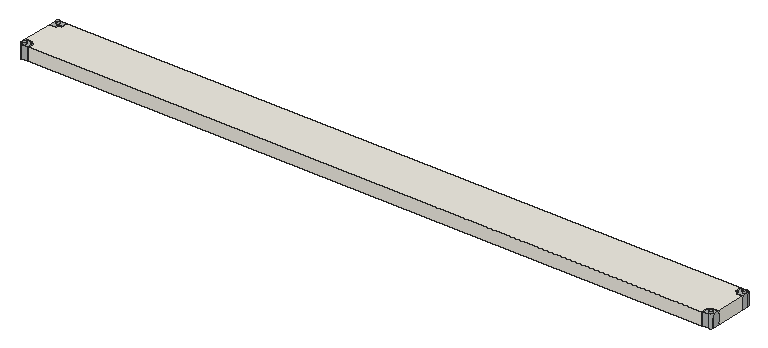
Revit family "HIGHTECH", category Осветительные приборы, Revit 2019 (continued)
Types (32, lengths in mm): name | Файл фотометрической сетки | built-in parameter 1150105 | Lumens | built-in parameter 1150106 | built-in parameter 1150142 | Wattage | Emit from Rectangle Width | Emit from Rectangle Length | Длина | Ширина | ADSK_Ток | ADSK_Полная мощность | ADSK_Обозначение | ADSK_Номинальная мощность | ADSK_Наименование | ADSK_Масса | ADSK_Код изделия
  Hightech-38/opal-sand 595х595 (IP54, 4000К, белый) | "Светильник HIGHTECH-38 OPAL-SAND-(595x595).IES" | 302.39 (stored number, unit not read) | 3800 lm | 3.0239 (stored number, unit not read) | "IESNA:LM-63-95\r\n[TEST] Протокол № 50-13\r\n[DATA] 17.06.2016\r\n[MORE] \r\n[MANUFAC] ЗАО \"Центрстройсвет\"\r\n[LUMCAT]  Светильник HIGHTECH-38/OPAL-SAND-(595x595)\r\n[LUMINAIRE]\r\n[LAMPCAT] Светодиоды\r\n[LAMP] Поток источника света (светодиодов) не известен\r\n[MORE] КСС приведена в абсолютных величинах кд\r\n[MORE] Вместо потока лампы, указан поток светильника.\r\nTILT=NONE\r\n1    3750 1.0 37 73 1 2 0.595 0.595 0.04\r\n1.0 1.0 38.7\r\n0.0 5.0 10.0 15.0 20.0 25.0 30.0 35.0 40.0 45.0 50.0 55.0 60.0 65.0 70.0 75.0 80.0 85.0 90.0 95.0 100.0 105.0 110.0 115.0 120.0 125.0 130.0 135.0 140.0 145.0 150.0 155.0 160.0 165.0 170.0 175.0 180.0\r\n0.0 5.0 10.0 15.0 20.0 25.0 30.0 35.0 40.0 45.0 50.0 55.0 60.0 65.0 70.0 75.0 80.0 85.0 90.0 95.0 100.0 105.0 110.0 115.0 120.0 125.0 130.0 135.0 140.0 145.0 150.0 155.0 160.0 165.0 170.0 175.0 180.0 185.0 190.0 195.0 200.0 205.0 210.0 215.0 220.0 225.0 230.0 235.0 240.0 245.0 250.0 255.0 260.0 265.0 270.0 275.0 280.0 285.0 290.0 295.0 300.0 305.0 310.0 315.0 320.0 325.0 330.0 335.0 340.0 345.0 350.0 355.0 360.0\r\n1391.4 1390.6 1365.7 1330.6 1277.5 1214.9 1147.5 1059.6 967.6 873.2 772.4 664.9 556.3 449.1 342.7 240.6 147.1 64.2 4.7 0.0 0.0 0.0 0.0 0.0 0.0 0.0 0.0 0.0 0.0 0.0 0.0 0.0 0.0 0.0 0.0 0.0 0.0\r\n1391.4 1390.5 1367.8 1332.7 1284.3 1221.3 1147.0 1062.1 969.2 872.4 773.2 666.3 557.1 450.1 343.8 241.9 146.9 64.7 5.2 0.0 0.0 0.0 0.0 0.0 0.0 0.0 0.0 0.0 0.0 0.0 0.0 0.0 0.0 0.0 0.0 0.0 0.0\r\n1391.4 1390.2 1372.0 1333.3 1277.3 1216.8 1144.5 1057.4 969.6 875.1 773.8 669.5 560.0 454.6 345.8 242.4 148.5 65.8 5.4 0.0 0.0 0.0 0.0 0.0 0.0 0.0 0.0 0.0 0.0 0.0 0.0 0.0 0.0 0.0 0.0 0.0 0.0\r\n1391.4 1389.8 1371.2 1330.7 1279.5 1220.5 1148.3 1059.9 967.7 873.2 767.5 666.8 561.4 453.0 347.1 243.7 149.9 65.6 5.8 0.0 0.0 0.0 0.0 0.0 0.0 0.0 0.0 0.0 0.0 0.0 0.0 0.0 0.0 0.0 0.0 0.0 0.0\r\n1391.4 1389.8 1368.3 1329.3 1285.0 1214.6 1141.1 1058.7 971.8 871.3 775.2 666.9 559.4 452.6 345.8 242.5 150.0 65.8 6.1 0.0 0.0 0.0 0.0 0.0 0.0 0.0 0.0 0.0 0.0 0.0 0.0 0.0 0.0 0.0 0.0 0.0 0.0\r\n1391.4 1390.5 1367.3 1332.3 1281.7 1219.0 1142.8 1064.6 970.5 874.4 772.1 667.5 560.2 453.0 346.2 241.8 149.4 65.7 5.6 0.0 0.0 0.0 0.0 0.0 0.0 0.0 0.0 0.0 0.0 0.0 0.0 0.0 0.0 0.0 0.0 0.0 0.0\r\n1391.4 1391.4 1368.1 1333.5 1277.3 1215.7 1139.0 1059.6 968.1 872.4 771.6 667.4 558.8 453.3 344.3 243.9 148.4 65.7 5.4 0.0 0.0 0.0 0.0 0.0 0.0 0.0 0.0 0.0 0.0 0.0 0.0 0.0 0.0 0.0 0.0 0.0 0.0\r\n1391.4 1391.7 1368.1 1330.4 1278.2 1213.9 1142.4 1061.6 967.4 875.1 772.0 669.3 561.1 452.5 345.2 242.1 148.3 65.4 5.5 0.0 0.0 0.0 0.0 0.0 0.0 0.0 0.0 0.0 0.0 0.0 0.0 0.0 0.0 0.0 0.0 0.0 0.0\r\n1391.4 1391.5 1371.0 1328.4 1278.5 1216.7 1142.1 1061.2 971.8 874.7 772.1 668.9 560.8 452.9 345.4 243.3 147.7 66.0 5.4 0.0 0.0 0.0 0.0 0.0 0.0 0.0 0.0 0.0 0.0 0.0 0.0 0.0 0.0 0.0 0.0 0.0 0.0\r\n1391.4 1391.5 1373.2 1330.5 1277.3 1215.5 1143.2 1063.6 967.0 872.7 772.2 669.4 558.9 453.2 346.6 241.9 148.1 65.2 5.5 0.0 0.0 0.0 0.0 0.0 0.0 0.0 0.0 0.0 0.0 0.0 0.0 0.0 0.0 0.0 0.0 0.0 0.0\r\n1391.4 1391.4 1369.7 1328.3 1281.3 1216.0 1139.8 1057.9 968.7 875.3 773.9 667.6 561.8 454.0 344.0 243.1 147.2 65.6 5.5 0.0 0.0 0.0 0.0 0.0 0.0 0.0 0.0 0.0 0.0 0.0 0.0 0.0 0.0 0.0 0.0 0.0 0.0\r\n1391.4 1390.5 1367.9 1330.1 1278.1 1218.1 1138.9 1061.0 970.0 871.8 770.4 669.3 560.2 453.4 346.9 242.1 148.3 65.2 5.2 0.0 0.0 0.0 0.0 0.0 0.0 0.0 0.0 0.0 0.0 0.0 0.0 0.0 0.0 0.0 0.0 0.0 0.0\r\n1391.4 1389.3 1368.2 1329.1 1280.8 1214.4 1142.5 1059.2 967.2 874.3 772.4 668.0 563.1 452.3 345.7 242.8 146.8 64.9 5.1 0.0 0.0 0.0 0.0 0.0 0.0 0.0 0.0 0.0 0.0 0.0 0.0 0.0 0.0 0.0 0.0 0.0 0.0\r\n1391.4 1388.6 1367.4 1327.8 1278.0 1215.7 1141.0 1061.0 971.5 877.3 771.2 667.3 561.5 453.0 346.4 242.4 146.3 64.8 5.2 0.0 0.0 0.0 0.0 0.0 0.0 0.0 0.0 0.0 0.0 0.0 0.0 0.0 0.0 0.0 0.0 0.0 0.0\r\n1391.4 1388.0 1367.6 1326.7 1278.3 1218.0 1140.9 1061.5 968.4 873.4 770.1 666.6 562.1 454.6 344.8 241.8 146.4 64.0 5.5 0.0 0.0 0.0 0.0 0.0 0.0 0.0 0.0 0.0 0.0 0.0 0.0 0.0 0.0 0.0 0.0 0.0 0.0\r\n1391.4 1387.2 1366.1 1331.0 1281.4 1216.3 1142.7 1059.1 969.4 871.5 772.2 667.3 560.5 453.0 344.4 242.2 146.4 63.8 5.6 0.0 0.0 0.0 0.0 0.0 0.0 0.0 0.0 0.0 0.0 0.0 0.0 0.0 0.0 0.0 0.0 0.0 0.0\r\n1391.4 1387.1 1366.3 1328.7 1276.9 1214.5 1141.2 1059.3 968.4 874.3 775.5 668.3 562.5 454.9 346.4 241.3 146.2 63.5 5.7 0.0 0.0 0.0 0.0 0.0 0.0 0.0 0.0 0.0 0.0 0.0 0.0 0.0 0.0 0.0 0.0 0.0 0.0\r\n1391.4 1388.4 1366.0 1329.7 1279.2 1217.9 1140.0 1060.5 969.0 873.9 772.0 671.3 560.4 453.2 343.7 241.7 145.8 63.7 5.4 0.0 0.0 0.0 0.0 0.0 0.0 0.0 0.0 0.0 0.0 0.0 0.0 0.0 0.0 0.0 0.0 0.0 0.0\r\n1391.4 1389.6 1367.7 1329.3 1277.2 1211.1 1140.1 1061.0 971.0 871.2 769.2 669.1 561.5 453.1 343.3 241.9 145.8 63.4 5.2 0.0 0.0 0.0 0.0 0.0 0.0 0.0 0.0 0.0 0.0 0.0 0.0 0.0 0.0 0.0 0.0 0.0 0.0\r\n1391.4 1388.8 1366.9 1327.1 1279.4 1214.2 1142.5 1056.4 970.7 870.3 771.0 665.1 560.4 453.3 343.8 241.1 145.7 63.4 5.2 0.0 0.0 0.0 0.0 0.0 0.0 0.0 0.0 0.0 0.0 0.0 0.0 0.0 0.0 0.0 0.0 0.0 0.0\r\n1391.4 1387.2 1365.8 1328.9 1276.6 1210.2 1141.4 1059.3 966.6 871.4 770.5 667.4 559.2 451.4 344.2 241.0 145.6 63.2 5.1 0.0 0.0 0.0 0.0 0.0 0.0 0.0 0.0 0.0 0.0 0.0 0.0 0.0 0.0 0.0 0.0 0.0 0.0\r\n1391.4 1386.8 1364.4 1329.8 1279.4 1213.7 1144.0 1059.0 965.3 873.7 768.8 668.9 559.4 449.5 342.6 241.5 144.6 63.4 5.0 0.0 0.0 0.0 0.0 0.0 0.0 0.0 0.0 0.0 0.0 0.0 0.0 0.0 0.0 0.0 0.0 0.0 0.0\r\n1391.4 1388.1 1365.8 1328.1 1273.8 1213.4 1137.9 1059.2 967.3 869.2 769.3 667.7 558.4 451.4 344.0 240.6 145.7 63.4 4.9 0.0 0.0 0.0 0.0 0.0 0.0 0.0 0.0 0.0 0.0 0.0 0.0 0.0 0.0 0.0 0.0 0.0 0.0\r\n1391.4 1389.2 1364.4 1323.2 1276.3 1213.8 1137.6 1055.3 963.1 871.0 767.7 664.1 559.7 447.1 342.4 240.1 145.2 63.9 5.1 0.0 0.0 0.0 0.0 0.0 0.0 0.0 0.0 0.0 0.0 0.0 0.0 0.0 0.0 0.0 0.0 0.0 0.0\r\n1391.4 1388.4 1362.3 1326.8 1274.4 1212.2 1137.9 1054.7 966.7 867.9 768.7 663.4 557.3 449.2 343.3 240.0 145.7 63.6 5.0 0.0 0.0 0.0 0.0 0.0 0.0 0.0 0.0 0.0 0.0 0.0 0.0 0.0 0.0 0.0 0.0 0.0 0.0\r\n1391.4 1386.2 1361.8 1326.5 1273.3 1211.2 1134.5 1048.6 964.3 866.3 767.8 662.9 556.7 449.5 341.9 239.8 145.7 63.7 5.0 0.0 0.0 0.0 0.0 0.0 0.0 0.0 0.0 0.0 0.0 0.0 0.0 0.0 0.0 0.0 0.0 0.0 0.0\r\n1391.4 1384.4 1363.5 1324.4 1272.0 1209.5 1137.2 1053.0 960.2 867.5 767.9 662.7 556.7 449.2 342.5 239.1 146.2 63.8 4.8 0.0 0.0 0.0 0.0 0.0 0.0 0.0 0.0 0.0 0.0 0.0 0.0 0.0 0.0 0.0 0.0 0.0 0.0\r\n1391.4 1383.7 1362.4 1324.4 1274.0 1209.5 1134.4 1050.1 965.4 864.9 764.6 662.3 556.6 447.9 340.5 240.3 145.5 64.6 4.6 0.0 0.0 0.0 0.0 0.0 0.0 0.0 0.0 0.0 0.0 0.0 0.0 0.0 0.0 0.0 0.0 0.0 0.0\r\n1391.4 1384.4 1361.9 1326.9 1270.2 1207.3 1132.7 1050.1 959.7 867.7 763.1 662.2 555.0 447.3 343.0 238.3 145.8 63.9 4.7 0.0 0.0 0.0 0.0 0.0 0.0 0.0 0.0 0.0 0.0 0.0 0.0 0.0 0.0 0.0 0.0 0.0 0.0\r\n1391.4 1385.1 1363.0 1320.0 1270.4 1207.9 1134.4 1055.0 963.5 867.3 766.7 660.7 555.9 450.1 342.6 240.2 145.9 64.3 4.9 0.0 0.0 0.0 0.0 0.0 0.0 0.0 0.0 0.0 0.0 0.0 0.0 0.0 0.0 0.0 0.0 0.0 0.0\r\n1391.4 1384.9 1362.3 1321.4 1273.1 1208.0 1135.4 1052.3 961.9 865.0 764.0 660.8 553.5 447.6 341.2 240.3 146.1 63.8 4.8 0.0 0.0 0.0 0.0 0.0 0.0 0.0 0.0 0.0 0.0 0.0 0.0 0.0 0.0 0.0 0.0 0.0 0.0\r\n1391.4 1383.8 1361.2 1322.1 1265.1 1211.5 1132.8 1049.3 961.3 863.4 764.0 661.0 550.7 447.9 341.0 240.1 146.2 63.8 4.6 0.0 0.0 0.0 0.0 0.0 0.0 0.0 0.0 0.0 0.0 0.0 0.0 0.0 0.0 0.0 0.0 0.0 0.0\r\n1391.4 1382.8 1359.3 1321.5 1269.3 1206.8 1132.8 1051.1 958.3 863.2 763.1 662.7 553.4 448.0 340.4 240.0 145.8 63.8 4.0 0.0 0.0 0.0 0.0 0.0 0.0 0.0 0.0 0.0 0.0 0.0 0.0 0.0 0.0 0.0 0.0 0.0 0.0\r\n1391.4 1382.6 1359.0 1319.6 1268.1 1204.3 1129.8 1049.0 957.7 861.8 761.7 658.4 554.2 446.1 340.4 239.0 145.6 63.8 3.8 0.0 0.0 0.0 0.0 0.0 0.0 0.0 0.0 0.0 0.0 0.0 0.0 0.0 0.0 0.0 0.0 0.0 0.0\r\n1391.4 1382.8 1358.5 1315.8 1266.5 1202.1 1128.5 1049.2 957.6 860.0 762.1 658.2 549.9 443.8 339.6 238.4 145.7 63.6 3.7 0.0 0.0 0.0 0.0 0.0 0.0 0.0 0.0 0.0 0.0 0.0 0.0 0.0 0.0 0.0 0.0 0.0 0.0\r\n1391.4 1382.2 1360.5 1319.2 1265.9 1204.5 1129.9 1046.9 955.0 862.9 758.9 657.9 552.5 444.9 338.9 238.8 145.3 63.6 3.3 0.0 0.0 0.0 0.0 0.0 0.0 0.0 0.0 0.0 0.0 0.0 0.0 0.0 0.0 0.0 0.0 0.0 0.0\r\n1391.4 1381.1 1361.2 1321.0 1268.1 1203.8 1128.8 1047.4 955.6 863.7 761.1 656.4 551.5 445.2 339.2 238.5 144.7 62.5 3.5 0.0 0.0 0.0 0.0 0.0 0.0 0.0 0.0 0.0 0.0 0.0 0.0 0.0 0.0 0.0 0.0 0.0 0.0\r\n1391.4 1380.6 1359.0 1316.4 1268.5 1204.0 1126.1 1049.5 956.2 859.6 759.7 656.5 549.2 444.3 338.4 236.1 143.8 61.6 3.2 0.0 0.0 0.0 0.0 0.0 0.0 0.0 0.0 0.0 0.0 0.0 0.0 0.0 0.0 0.0 0.0 0.0 0.0\r\n1391.4 1380.7 1356.6 1316.0 1267.0 1205.6 1130.3 1044.8 956.9 856.7 759.3 653.5 548.1 441.9 335.3 235.4 141.4 60.3 2.9 0.0 0.0 0.0 0.0 0.0 0.0 0.0 0.0 0.0 0.0 0.0 0.0 0.0 0.0 0.0 0.0 0.0 0.0\r\n1391.4 1380.4 1354.4 1317.9 1268.8 1199.0 1129.0 1044.0 956.9 860.6 758.3 656.9 549.1 442.0 334.4 236.1 141.7 60.5 2.6 0.0 0.0 0.0 0.0 0.0 0.0 0.0 0.0 0.0 0.0 0.0 0.0 0.0 0.0 0.0 0.0 0.0 0.0\r\n1391.4 1380.1 1356.7 1322.1 1264.6 1201.7 1129.9 1047.4 957.2 859.7 758.2 656.1 549.4 442.8 335.3 235.8 141.3 60.6 2.3 0.0 0.0 0.0 0.0 0.0 0.0 0.0 0.0 0.0 0.0 0.0 0.0 0.0 0.0 0.0 0.0 0.0 0.0\r\n1391.4 1379.9 1357.3 1317.5 1265.9 1207.8 1129.2 1046.5 955.7 860.2 758.6 656.9 550.7 441.9 335.4 233.9 140.6 60.2 2.4 0.0 0.0 0.0 0.0 0.0 0.0 0.0 0.0 0.0 0.0 0.0 0.0 0.0 0.0 0.0 0.0 0.0 0.0\r\n1391.4 1379.2 1355.5 1314.6 1269.3 1203.7 1133.5 1044.8 957.2 857.9 762.0 656.6 548.7 440.4 335.9 234.5 140.4 59.8 2.8 0.0 0.0 0.0 0.0 0.0 0.0 0.0 0.0 0.0 0.0 0.0 0.0 0.0 0.0 0.0 0.0 0.0 0.0\r\n1391.4 1377.9 1357.1 1319.2 1271.9 1204.4 1128.6 1050.2 953.1 856.9 757.6 653.7 548.9 439.9 335.4 232.4 140.5 59.2 3.0 0.0 0.0 0.0 0.0 0.0 0.0 0.0 0.0 0.0 0.0 0.0 0.0 0.0 0.0 0.0 0.0 0.0 0.0\r\n1391.4 1377.2 1356.3 1322.9 1266.0 1204.8 1132.2 1049.0 958.1 859.3 759.0 654.6 547.0 441.6 334.9 232.1 139.3 58.8 2.9 0.0 0.0 0.0 0.0 0.0 0.0 0.0 0.0 0.0 0.0 0.0 0.0 0.0 0.0 0.0 0.0 0.0 0.0\r\n1391.4 1377.8 1353.8 1319.7 1269.6 1207.9 1135.8 1049.5 955.8 858.0 762.4 655.9 548.2 441.6 335.6 231.7 139.4 58.8 2.8 0.0 0.0 0.0 0.0 0.0 0.0 0.0 0.0 0.0 0.0 0.0 0.0 0.0 0.0 0.0 0.0 0.0 0.0\r\n1391.4 1378.5 1355.2 1319.8 1267.3 1206.5 1131.2 1046.1 954.6 861.2 756.6 653.8 548.1 440.3 335.0 232.6 138.6 59.0 2.9 0.0 0.0 0.0 0.0 0.0 0.0 0.0 0.0 0.0 0.0 0.0 0.0 0.0 0.0 0.0 0.0 0.0 0.0\r\n1391.4 1378.6 1355.1 1318.3 1269.7 1200.8 1133.1 1049.0 957.6 862.5 762.4 656.9 549.3 443.5 334.7 231.2 138.8 58.1 3.0 0.0 0.0 0.0 0.0 0.0 0.0 0.0 0.0 0.0 0.0 0.0 0.0 0.0 0.0 0.0 0.0 0.0 0.0\r\n1391.4 1378.8 1355.8 1321.7 1268.8 1210.0 1129.0 1048.5 958.8 862.4 762.2 656.4 549.0 441.1 335.4 231.5 138.5 58.1 3.0 0.0 0.0 0.0 0.0 0.0 0.0 0.0 0.0 0.0 0.0 0.0 0.0 0.0 0.0 0.0 0.0 0.0 0.0\r\n1391.4 1379.6 1357.6 1321.7 1269.0 1207.1 1133.9 1047.0 964.1 863.3 761.9 656.4 551.5 440.7 334.9 232.2 137.6 58.1 2.8 0.0 0.0 0.0 0.0 0.0 0.0 0.0 0.0 0.0 0.0 0.0 0.0 0.0 0.0 0.0 0.0 0.0 0.0\r\n1391.4 1380.6 1357.7 1319.2 1272.0 1207.5 1131.3 1054.6 959.0 863.3 764.8 655.9 549.1 443.0 335.1 231.3 138.0 58.1 2.7 0.0 0.0 0.0 0.0 0.0 0.0 0.0 0.0 0.0 0.0 0.0 0.0 0.0 0.0 0.0 0.0 0.0 0.0\r\n1391.4 1381.5 1358.5 1321.9 1271.0 1204.1 1135.9 1055.8 962.5 865.5 761.1 656.9 550.6 442.0 335.3 231.9 137.4 57.9 2.6 0.0 0.0 0.0 0.0 0.0 0.0 0.0 0.0 0.0 0.0 0.0 0.0 0.0 0.0 0.0 0.0 0.0 0.0\r\n1391.4 1381.3 1358.5 1322.3 1270.8 1207.2 1133.7 1051.9 958.0 867.3 767.5 657.0 552.1 442.3 333.6 231.2 137.9 57.8 2.6 0.0 0.0 0.0 0.0 0.0 0.0 0.0 0.0 0.0 0.0 0.0 0.0 0.0 0.0 0.0 0.0 0.0 0.0\r\n1391.4 1380.6 1359.4 1319.7 1270.6 1209.0 1133.0 1052.1 963.9 867.5 764.1 660.0 554.0 443.3 334.8 231.7 137.6 57.8 2.7 0.0 0.0 0.0 0.0 0.0 0.0 0.0 0.0 0.0 0.0 0.0 0.0 0.0 0.0 0.0 0.0 0.0 0.0\r\n1391.4 1381.3 1359.9 1321.3 1270.6 1204.8 1135.0 1051.3 962.1 865.5 761.7 660.3 553.1 443.5 334.1 231.9 137.9 57.8 2.8 0.0 0.0 0.0 0.0 0.0 0.0 0.0 0.0 0.0 0.0 0.0 0.0 0.0 0.0 0.0 0.0 0.0 0.0\r\n1391.4 1383.1 1362.1 1324.8 1273.8 1208.7 1134.8 1055.9 961.8 866.4 762.3 659.7 552.4 443.7 334.4 232.8 138.0 58.0 2.8 0.0 0.0 0.0 0.0 0.0 0.0 0.0 0.0 0.0 0.0 0.0 0.0 0.0 0.0 0.0 0.0 0.0 0.0\r\n1391.4 1384.6 1360.4 1321.7 1272.0 1210.6 1130.9 1052.5 963.1 866.7 767.4 659.3 553.7 444.6 335.4 233.1 138.3 58.0 2.8 0.0 0.0 0.0 0.0 0.0 0.0 0.0 0.0 0.0 0.0 0.0 0.0 0.0 0.0 0.0 0.0 0.0 0.0\r\n1391.4 1385.6 1357.5 1324.7 1273.9 1211.6 1134.3 1052.7 963.6 865.4 763.1 658.7 552.2 444.9 336.9 232.8 138.8 58.6 2.9 0.0 0.0 0.0 0.0 0.0 0.0 0.0 0.0 0.0 0.0 0.0 0.0 0.0 0.0 0.0 0.0 0.0 0.0\r\n1391.4 1386.4 1357.8 1323.4 1273.2 1212.2 1136.3 1054.7 967.5 867.5 764.0 659.4 553.3 443.7 336.8 233.2 138.9 58.5 3.1 0.0 0.0 0.0 0.0 0.0 0.0 0.0 0.0 0.0 0.0 0.0 0.0 0.0 0.0 0.0 0.0 0.0 0.0\r\n1391.4 1386.6 1362.0 1324.9 1273.2 1211.3 1139.0 1049.9 960.3 866.4 768.0 661.3 552.2 443.4 336.3 233.4 139.8 58.9 3.1 0.0 0.0 0.0 0.0 0.0 0.0 0.0 0.0 0.0 0.0 0.0 0.0 0.0 0.0 0.0 0.0 0.0 0.0\r\n1391.4 1386.0 1360.5 1326.0 1271.8 1212.0 1137.2 1059.3 963.5 867.6 766.9 661.2 552.3 445.8 337.8 233.6 141.0 59.2 3.3 0.0 0.0 0.0 0.0 0.0 0.0 0.0 0.0 0.0 0.0 0.0 0.0 0.0 0.0 0.0 0.0 0.0 0.0\r\n1391.4 1385.0 1362.3 1325.1 1272.0 1207.1 1138.5 1053.6 964.5 865.8 766.5 661.6 554.3 445.9 337.0 234.5 140.4 60.2 3.5 0.0 0.0 0.0 0.0 0.0 0.0 0.0 0.0 0.0 0.0 0.0 0.0 0.0 0.0 0.0 0.0 0.0 0.0\r\n1391.4 1384.4 1361.8 1323.6 1274.0 1214.8 1138.9 1053.9 968.0 867.9 769.0 663.8 555.6 446.7 339.6 235.0 141.3 60.4 3.4 0.0 0.0 0.0 0.0 0.0 0.0 0.0 0.0 0.0 0.0 0.0 0.0 0.0 0.0 0.0 0.0 0.0 0.0\r\n1391.4 1385.0 1360.9 1322.2 1272.4 1209.8 1137.2 1055.7 962.7 869.7 769.6 658.2 556.6 447.4 338.5 236.2 142.5 60.7 3.4 0.0 0.0 0.0 0.0 0.0 0.0 0.0 0.0 0.0 0.0 0.0 0.0 0.0 0.0 0.0 0.0 0.0 0.0\r\n1391.4 1386.6 1363.1 1323.6 1272.5 1211.5 1139.2 1058.4 969.9 868.0 768.8 664.6 556.3 445.8 342.1 236.1 142.3 61.2 3.5 0.0 0.0 0.0 0.0 0.0 0.0 0.0 0.0 0.0 0.0 0.0 0.0 0.0 0.0 0.0 0.0 0.0 0.0\r\n1391.4 1388.6 1360.9 1330.2 1273.7 1213.2 1138.7 1058.3 966.2 867.0 766.8 663.4 553.3 447.1 339.2 238.7 143.0 61.4 3.8 0.0 0.0 0.0 0.0 0.0 0.0 0.0 0.0 0.0 0.0 0.0 0.0 0.0 0.0 0.0 0.0 0.0 0.0\r\n1391.4 1389.8 1360.8 1328.4 1276.8 1216.0 1140.1 1055.8 963.1 870.3 768.4 663.1 554.0 449.1 340.1 237.3 144.8 61.7 3.8 0.0 0.0 0.0 0.0 0.0 0.0 0.0 0.0 0.0 0.0 0.0 0.0 0.0 0.0 0.0 0.0 0.0 0.0\r\n1391.4 1389.3 1362.5 1325.9 1278.0 1210.4 1138.2 1054.7 967.8 872.7 770.2 661.9 556.5 446.9 341.3 237.7 144.4 62.5 3.9 0.0 0.0 0.0 0.0 0.0 0.0 0.0 0.0 0.0 0.0 0.0 0.0 0.0 0.0 0.0 0.0 0.0 0.0\r\n1391.4 1387.8 1365.8 1326.6 1274.3 1213.2 1141.4 1053.1 966.2 871.2 768.4 663.7 555.0 447.1 341.3 238.2 144.3 62.7 4.1 0.0 0.0 0.0 0.0 0.0 0.0 0.0 0.0 0.0 0.0 0.0 0.0 0.0 0.0 0.0 0.0 0.0 0.0\r\n1391.4 1387.2 1364.2 1328.3 1274.8 1209.4 1145.0 1060.0 963.9 867.5 766.5 663.4 556.7 448.2 340.9 240.3 144.7 63.3 4.0 0.0 0.0 0.0 0.0 0.0 0.0 0.0 0.0 0.0 0.0 0.0 0.0 0.0 0.0 0.0 0.0 0.0 0.0\r\n1391.4 1388.4 1364.9 1332.6 1279.0 1215.6 1140.9 1056.3 969.3 867.1 770.0 663.8 559.0 449.0 342.4 240.3 145.7 63.3 4.7 0.0 0.0 0.0 0.0 0.0 0.0 0.0 0.0 0.0 0.0 0.0 0.0 0.0 0.0 0.0 0.0 0.0 0.0\r\n1391.4 1390.0 1364.5 1329.3 1281.4 1217.7 1141.3 1063.3 970.3 871.1 768.8 663.5 555.2 449.3 342.4 239.8 146.6 63.3 4.9 0.0 0.0 0.0 0.0 0.0 0.0 0.0 0.0 0.0 0.0 0.0 0.0 0.0 0.0 0.0 0.0 0.0 0.0\r\n1391.4 1390.6 1365.7 1330.6 1277.5 1214.9 1147.5 1059.6 967.6 873.2 772.4 664.9 556.3 449.1 342.7 240.6 147.1 64.2 4.7 0.0 0.0 0.0 0.0 0.0 0.0 0.0 0.0 0.0 0.0 0.0 0.0 0.0 0.0 0.0 0.0 0.0 0.0\r\n" | 25.582 W | 555 | 555 | 595 | 595 | 0.179584 A | 41.3043 VA | "Hightech-38/opal-sand 595х595 (IP54, 4000К, белый)" | 38 W | "Универсальный светодиодный светильник Hightech-38/opal-sand 595х595 (IP54, 4000К, белый)" | 2.5 | "ЦБ000007381"
